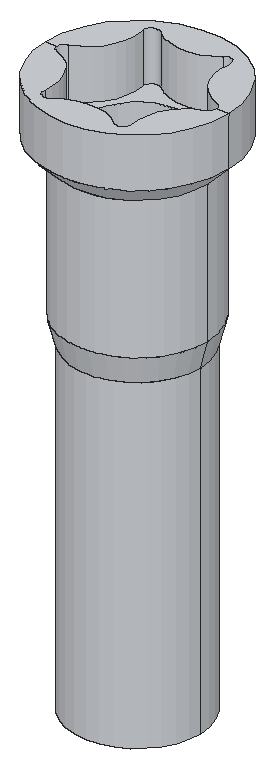
Revit family "TSM Multiground", category HLS-Bauteile, Revit 2023
Family settings
  Bemaßung runder Anschluss = Durchmesser verwenden
  Klassifizierung = Keine
  Teiletyp = Normal
  Arbeitsebenenbasiert = Ja
  Immer vertikal = Nein
  Beim Laden mit Abzugskörper schneiden = Nein
  Beschriftungsausrichtung beibehalten = Nein
  Gemeinsam genutzt = Ja
  Raumberechnungspunkt = Nein
Parameters (values of type "TSM Multiground, 10x 40, M8 x 10, TX55")
  vpe = "100"
  min. Bohrlochtiefe = "50 mm"
  Default Elevation = 1219.2 mm
  TSM Multiground = TSM Multiground 10 SeKo VZ55 IG M8 : TSM Multiground 10 SeKo VZ55 IG M8
  Regelhalter [instance] = ""
  Mengeneinheit = "St"
  Materialname = ""
  Material = "Stahl"
  Länge Innengewinde 1 = "10 mm"
  Länge = 40 mm
  Kurztext2 = "L= 40 mm"
  Kurztext1 = "TSM Multiground"
  Innengewinde = "M8"
  Gewicht pro Bauteil = Gewicht  # 0.02 kg
  Gewicht = 0.02 kg
  Fabrikat = "MEFA"
  EAN = ""
  Bohrerdurchmesser = "10 mm"
  Artikelnummer = "2235650"
Types (2, lengths in mm): name | TSM Multiground | Innengewinde | Gewicht pro Bauteil | Gewicht | Bohrerdurchmesser | Artikelnummer
  TSM Multiground, 10x 40, M8 x 10, TX55 | TSM Multiground 10 SeKo VZ55 IG M8 : TSM Multiground 10 SeKo VZ55 IG M8 | "M8" | 0.02 kg | 0.02 kg | "10 mm" | "2235650"
  TSM Multiground, 12x 40, M10 x 10, TX60 | TSM Multiground 12 SeKo VZ60 IG M10 : TSM Multiground 12 SeKo VZ60 IG M10 | "M10" | 0.027 kg | 0.027 kg | "12 mm" | "2235651"
Reference planes
  plane 1 "Mitte (Vorne/hinten)": y = 0
  plane 2: z = 0
  plane 3 "Mitte (Links/rechts)": x = 0
Dimensions and locks
  aligned and locked: level to plane 2
Nested families
  nested 1: "TSM Multiground 10 SeKo VZ55 IG M8" at (0, 0, 0), type <- "TSM Multiground", Regelhalter <- "Regelhalter", type "TSM Multiground 10 SeKo VZ55 IG M8"
    with Regelhalter ""
Definition of nested family "TSM Multiground 10 SeKo VZ55 IG M8"
  Parameters (values of type "TSM Multiground 10 SeKo VZ55 IG M8")
    vpe = "100"
    min. Bohrlochtiefe = "50 mm"
    Default Elevation = 1219.2 mm
    Regelhalter [instance] = ""
    Mengeneinheit = "St"
    Materialname = ""
    Material = "Stahl"
    Länge Innengewinde 1 = "10 mm"
    Länge = 40 mm
    Kurztext2 = "L= 40 mm"
    Kurztext1 = "TSM Multiground"
    Innengewinde = "M8"
    Gewicht pro Bauteil = Gewicht  # 0.02 kg
    Gewicht = 0.02 kg
    Fabrikat = "MEFA"
    EAN = ""
    Bohrerdurchmesser = "10 mm"
    Artikelnummer = "2235650"
  Reference planes
    plane 1 "Mitte (Vorne/hinten)": y = 0
    plane 2: z = 0
    plane 3 "Mitte (Links/rechts)": x = 0
    plane 4: z = -40.004
  Forms (mm)
    Revolve 1, solid
      sketch origin (0, 0, 0) x (1, 0, 0) y (0, 0, 1)
        loop
          line (6.5, -3.504) -> (6.5, 0) -> (0, 0) -> (0, -40.004) -> (4.507, -40.004) -> (4.507, -16.801) -> (5, -14.958) -> (5, -4.958) -> (6.5, -3.504)
        axis (0, 0) -> (0, -40.004)
      angle from 0 to 360
    Extrusion 2, void
      sketch origin (0, 0, 0) x (1, 0, 0) y (0, 1, 0)
        loop
          arc (-5.323, 0.508) -> (-5.675, 0.012) -> (-5.323, -0.484) r 0.525
          arc (-5.323, -0.484) -> (-3.498, -1.995) -> (-3.101, -4.332) r 3.404
          arc (-3.101, -4.332) -> (-2.848, -4.884) -> (-2.243, -4.827) r 0.525
          arc (-2.243, -4.827) -> (-0.021, -4.002) -> (2.2, -4.827) r 3.404
          arc (2.2, -4.827) -> (2.806, -4.884) -> (3.059, -4.332) r 0.525
          arc (3.059, -4.332) -> (3.455, -1.995) -> (5.281, -0.484) r 3.404
          arc (5.281, -0.484) -> (5.632, 0.012) -> (5.281, 0.508) r 0.525
          arc (5.281, 0.508) -> (3.455, 2.019) -> (3.059, 4.356) r 3.404
          arc (3.059, 4.356) -> (2.806, 4.908) -> (2.2, 4.851) r 0.525
          arc (2.2, 4.851) -> (-0.021, 4.026) -> (-2.243, 4.851) r 3.404
          arc (-2.243, 4.851) -> (-2.848, 4.908) -> (-3.101, 4.356) r 0.525
          arc (-3.101, 4.356) -> (-3.498, 2.019) -> (-5.323, 0.508) r 3.404
      from 0 to -3.5
    Extrusion 3, void
      sketch origin (0, 0, 0) x (1, 0, 0) y (0, 1, 0)
        loop
          circle (0, 0) r 3.5
      from 0 to -15
  Cuts and joins
    Extrusion 2, Extrusion 3 cuts Revolve 1
  Lines and regions (mm)
    model lines
      curve 1: line (8, 0, 0) -> (-8, 0, 0)
      curve 2: line (0, 8.025, 0) -> (0, -7.975, 0)
      curve 3: line (0, 0, 3.998) -> (0, 0, -44.002)
  Dimensions and locks
    aligned and locked: level to plane 2
